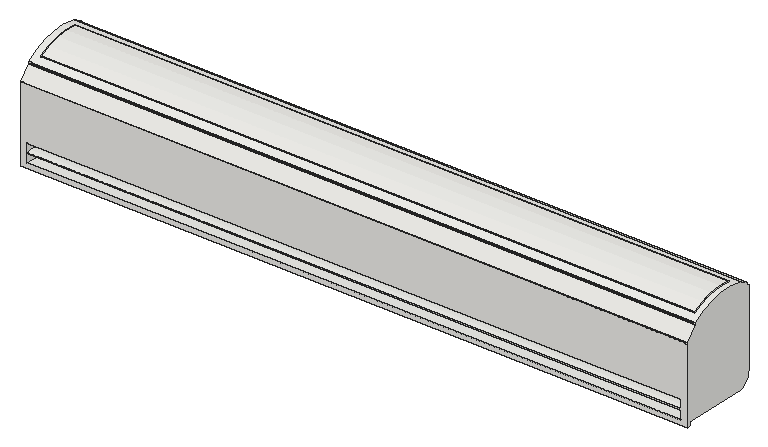
Revit family "ELiS C-W-200-bílá_RFA_2019", category Mechanical Equipment, host Face, Revit 2019
Family settings
  Host = Face
  Round Connector Dimension = Use Diameter
  Part Type = Normal
  Cut with Voids When Loaded = No
  Shared = No
  Room Calculation Point = No
Parameters (values of type "ELiS C-W-200")
  Weight of unit = 35.10 kg
  Water stream flow in the heat exchanger = 0 L/s
  Water pressure drop in the heat exchanger = 0 kPa
  URL = "www.hydronic.cz"
  Type Comments = "vnitřní instalace, neprašné prostředí; IP21; max dosah 3m na 3 rychlost"
  Second Material = FLOWAIR-PerforatedSteel-White
  Product data = "14289; bílá, délka 200cm, teplovodní; PN16; tmax=95°C"
  Power supply voltage = 230 V
  Power ratio = 0.94
  Outlet water temperature (Tw2) = 0 °C
  Outlet air temperature (Tp2) = 0 °C
  Max. current consumption = 1.2 A
  Manufacturer = "Hydronic Systems Prague s.r.o."
  Main Material = FLOWAIR-Steel-White
  Load classification = Motor
  Length = 2000.00 mm  # constant formula
  Inlet water temperature (Tw1) = 0 °C
  Inlet air temperature (Tp1) = 0 °C
  Heating capacity = 0 kW
  Fan = "Single phase motor with diagonal rotor"
  Description = "Dveřní clona"
  Model = "ELiS C-W-200"
  IP = "21"
  Default Elevation = 2200.00 mm
  Connection = 3/4"
  Author = ""
  Apparent power = Power supply voltage * Max. current consumption  # 276 VA
  Air flow = 0 m³/h
Reference planes
  plane 1 "Środek (Przód/Tył)": y = 0
  plane 2: z = 0
  plane 3 "Środek (Lewa/Prawa)": x = 0
Dimensions and locks
  aligned and locked: plane 2 to host face
  aligned and locked: level to host face
  aligned and locked: plane 3 "Środek (Lewa/Prawa)" to nested 1
  aligned and locked: plane 1 "Środek (Przód/Tył)" to nested 1
Nested families
  nested 1: "ELiS C-W" at (0, 0, 0), type "ELiS C-W"
    with długość 2000.00 mm
Connectors
  piping at (954, 227.682, 166.954), diameter 19.05, driven by "Connection", driven by "Water stream flow in the heat exchanger", driven by "Water pressure drop in the heat exchanger"
    settings: on nested 1, index 7, connector inside diameter 24", connector length 0.00 mm, flow factor 0, pipe flow 0 L/s, pressure drop 0 kPa, fitting loss kfactor 0, connector angle 0.00°, fixture units 0, engagement length 0.00 mm, angle of deflection 0.00°, flow configuration 1, flow direction 2, fitting loss method 4, system type 8, joint type 0, gender type 0, connector reference index -1, connector utility 0, adjustable connector no, is connector primary yes, connector description ""
  piping at (954, 227.682, 242.954), diameter 19.05, driven by "Connection", driven by "Water stream flow in the heat exchanger", driven by "Water pressure drop in the heat exchanger"
    settings: on nested 1, index 8, connector inside diameter 24", connector length 0.00 mm, flow factor 0, pipe flow 0 L/s, pressure drop 0 kPa, fitting loss kfactor 0, connector angle 0.00°, fixture units 0, engagement length 0.00 mm, angle of deflection 0.00°, flow configuration 1, flow direction 1, fitting loss method 4, system type 7, joint type 0, gender type 0, connector reference index -1, connector utility 0, adjustable connector no, is connector primary no, connector description ""
  electrical at (0, 235.182, 54.049), driven by "Power supply voltage", driven by "Apparent power", driven by "Power ratio", driven by "Load classification"
    settings: on nested 1, index 9, voltage 230 V, apparent load 276 VA, apparent load phase1 0 VA, apparent load phase2 0 VA, apparent load phase3 0 VA, power factor 0.94, load classification "Motor", number of poles 1, system type 30, power factor state 1, is connector primary yes, connector utility no, sub classification motor no, connector description ""
  electrical at (-59, 235.182, 85.024)
    settings: on nested 1, index 10, voltage 0 V, apparent load 0 VA, apparent load phase1 0 VA, apparent load phase2 0 VA, apparent load phase3 0 VA, power factor 1, load classification "Motor", number of poles 1, system type 13, power factor state 1, is connector primary no, connector utility no, sub classification motor no, connector description "TS regulator"
  electrical at (59, 235.182, 85.024)
    settings: on nested 1, index 11, voltage 0 V, apparent load 0 VA, apparent load phase1 0 VA, apparent load phase2 0 VA, apparent load phase3 0 VA, power factor 1, load classification "Motor", number of poles 1, system type 13, power factor state 1, is connector primary no, connector utility no, sub classification motor no, connector description "Limit switches"
Definition of nested family "ELiS C-W"
  Parameters
    materiał perforacja = none
    materiał = none
    długość = 1000.00 mm
  Reference planes
    plane 1 "Środek (Przód/Tył)": y = 0
    plane 2: z = 0
    plane 3 "Środek (Lewa/Prawa)": x = 0
    plane 4: x = -500
    plane 5: x = 500
    plane 6: x = -480
    plane 7: x = 480
    plane 8: x = 250
    plane 9: x = -250
  Forms (mm)
    Extrusion 1, solid, material <- "materiał", detail levels medium
      sketch origin (0, 300, 0) x (0, 1, 0) y (0, 0, 1)
        loop
          line (-72.756, 283.564) -> (-81.693, 294.358)
          arc (-81.693, 294.358) -> (-82.051, 294.684) -> (-82.482, 294.903) r 1.8
          line (-82.482, 294.903) -> (-98.157, 300.357)
          arc (-98.157, 300.357) -> (-98.505, 300.566) -> (-98.742, 300.895) r 1
          line (-98.742, 300.895) -> (-99.846, 303.375)
          arc (-99.846, 303.375) -> (-100.355, 304.039) -> (-101.109, 304.402) r 1.8
          arc (-101.109, 304.402) -> (-188.803, 303.806) -> (-267.88, 265.892) r 200.8
          arc (-267.88, 265.892) -> (-268.406, 265.22) -> (-268.563, 264.381) r 1.8
          line (-268.563, 264.381) -> (-268.42, 261.651)
          arc (-268.42, 261.651) -> (-268.477, 261.263) -> (-268.678, 260.927) r 1
          line (-268.678, 260.927) -> (-299.538, 226.654)
          arc (-299.538, 226.654) -> (-299.88, 226.094) -> (-300, 225.449) r 1.8
          line (-300, 225.449) -> (-300, 0) -> (-292.2, 0) -> (-292.2, 13.085) -> (-113.282, 13.085)
          arc (-113.282, 13.085) -> (-84.316, 25.083) -> (-72.318, 54.049) r 40.964
          line (-72.318, 54.049) -> (-72.318, 282.336)
          arc (-72.318, 282.336) -> (-72.431, 282.988) -> (-72.756, 283.564) r 1.943
      from -500 to 500
    Extrusion 2, solid, material <- "materiał", detail levels coarse
      sketch origin (0, 0, 0) x (0, 1, 0) y (0, 0, 1)
        loop
          arc (227.682, 295.867) -> (103.817, 301.954) -> (0, 234.12) r 200.8
          line (0, 234.12) -> (0, 0) -> (227.682, 0) -> (227.682, 295.867)
      from -500 to 500
    Extrusion 3, solid, material <- "materiał", detail levels fine
      sketch origin (0, 0, 0) x (0, 1, 0) y (0, 0, 1)
        loop
          line (227.244, 283.564) -> (218.307, 294.358)
          arc (218.307, 294.358) -> (217.949, 294.684) -> (217.518, 294.903) r 1.8
          line (217.518, 294.903) -> (201.843, 300.357)
          arc (201.843, 300.357) -> (201.495, 300.566) -> (201.258, 300.895) r 1
          line (201.258, 300.895) -> (200.154, 303.375)
          arc (200.154, 303.375) -> (199.645, 304.039) -> (198.891, 304.402) r 1.8
          arc (198.891, 304.402) -> (111.197, 303.806) -> (32.12, 265.892) r 200.8
          arc (32.12, 265.892) -> (31.594, 265.22) -> (31.437, 264.381) r 1.8
          line (31.437, 264.381) -> (31.58, 261.651)
          arc (31.58, 261.651) -> (31.523, 261.263) -> (31.322, 260.927) r 1
          line (31.322, 260.927) -> (0.462, 226.654)
          arc (0.462, 226.654) -> (0.12, 226.094) -> (0, 225.449) r 1.8
          line (0, 225.449) -> (0, 0) -> (7.8, 0) -> (7.8, 13.085) -> (186.718, 13.085)
          arc (186.718, 13.085) -> (215.684, 25.083) -> (227.682, 54.049) r 40.964
          line (227.682, 54.049) -> (227.682, 282.336)
          arc (227.682, 282.336) -> (227.569, 282.988) -> (227.244, 283.564) r 1.943
      from -500 to 500
    Extrusion 4, void
      sketch origin (0, 0, 0) x (0, 1, 0) y (0, 0, 1)
        loop
          line (52, 337.939) -> (52, 227.939) -> (180, 227.939) -> (180, 337.939) -> (52, 337.939)
      from -480 to 480
    Extrusion 5, solid, material <- "materiał perforacja", detail levels fine
      sketch origin (0, 0, 0) x (0, 1, 0) y (0, 0, 1)
        loop
          arc (180, 307.56) -> (113.664, 304.359) -> (52, 279.696) r 200.8
          line (52, 279.696) -> (52, 277.35)
          arc (52, 277.35) -> (113.61, 302.3) -> (180, 305.546) r 198.8
          line (180, 305.546) -> (180, 307.56)
      from -480 to 480
    Extrusion 6, void
      sketch origin (0, 0, 0) x (0, 1, 0) y (0, 0, 1)
        loop
          line (0, 15.085) -> (50, 15.085) -> (50, 70.085) -> (0, 70.085) -> (0, 43.585)
          arc (0, 43.585) -> (17.5, 45.585) -> (35, 43.585) r 77.563
          line (35, 43.585) -> (35, 41.585)
          arc (35, 41.585) -> (17.5, 39.585) -> (0, 41.585) r 77.563
          line (0, 41.585) -> (0, 15.085)
      from -480 to 480
    Extrusion 7, solid, material <- "materiał"
      sketch origin (0, 0, 0) x (0, 1, 0) y (0, 0, 1)
        loop
          line (10, 0) -> (172, 0) -> (172, 13.085) -> (10, 13.085) -> (10, 0)
      from -250 to 250
    Extrusion 8, solid, material <- "materiał"
      sketch origin (0, 0, 0) x (0, 1, 0) y (0, 0, 1)
        loop
          line (227.682, 54.049) -> (242.682, 54.049) -> (242.682, 116) -> (227.682, 116) -> (227.682, 54.049)
      from -59 to 59
    Extrusion 9, solid, material <- "materiał"
      sketch origin (0, 0, 0) x (1, 0, 0) y (0, 0, 1)
        loop
          circle (454, 242.954) r 17
        loop
          circle (454, 166.954) r 17
      from -227.682 to -225
  Cuts and joins
    Extrusion 4, Extrusion 6 cuts Extrusion 3
  Dimensions and locks
    equal spacing: plane 4, plane 3 "Środek (Lewa/Prawa)", plane 5
    "długość": plane 4 to plane 5
    locked: plane 4 to plane 6 at 20
    locked: plane 7 to plane 5 at 20
    equal spacing: plane 4, plane 9, plane 3 "Środek (Lewa/Prawa)"
    equal spacing: plane 3 "Środek (Lewa/Prawa)", plane 8, plane 5
    locked: Extrusion 9 sketch curve to plane 5 at 46  (x2)
    aligned and locked: level to plane 2
    aligned and locked: Extrusion 2 to plane 4
    aligned and locked: Extrusion 1 to plane 4
    aligned and locked: Extrusion 2 to plane 5
    aligned and locked: Extrusion 1 to plane 5
    aligned and locked: Extrusion 3 to plane 4
    aligned and locked: Extrusion 3 to plane 5
    aligned and locked: Extrusion 4 to plane 6
    aligned and locked: Extrusion 4 to plane 7
    aligned and locked: Extrusion 5 to plane 6
    aligned and locked: Extrusion 5 to plane 7
    aligned and locked: Extrusion 6 to plane 7
    aligned and locked: Extrusion 6 to plane 6
    aligned and locked: plane 8 to Extrusion 7
    aligned and locked: plane 9 to Extrusion 7
  Automatic sketch dimensions
    Extrusion 1 sketch curve to level = 0.00 mm
    Extrusion 1 sketch curve to plane 1 "Środek (Przód/Tył)" = 0.00 mm
    Extrusion 1 sketch curve to Extrusion 1 sketch curve = 1.80 mm
    Extrusion 1 sketch curve to plane 1 "Środek (Przód/Tył)" = 7.80 mm
    Extrusion 1 sketch curve to plane 1 "Środek (Przód/Tył)" = 30.581 mm
    Extrusion 1 sketch curve to Extrusion 1 sketch curve = 0.742 mm
    Extrusion 1 sketch curve to Extrusion 1 sketch curve = 0.856 mm
    Extrusion 1 sketch curve to Extrusion 1 sketch curve = 1.797 mm
    Extrusion 1 sketch curve to plane 1 "Środek (Przód/Tył)" = 156.375 mm
    Extrusion 1 sketch curve to Extrusion 1 sketch curve = 30.343 mm
    Extrusion 1 sketch curve to Extrusion 1 sketch curve = 165.276 mm
    Extrusion 1 sketch curve to Extrusion 1 sketch curve = 3.662 mm
    Extrusion 1 sketch curve to Extrusion 1 sketch curve = 14.754 mm
    Extrusion 1 sketch curve to Extrusion 1 sketch curve = 1.38 mm
    Extrusion 1 sketch curve to Extrusion 1 sketch curve = 8.812 mm
    Extrusion 1 sketch curve to Extrusion 1 sketch curve = 1.505 mm
    Extrusion 1 sketch curve to Extrusion 1 sketch curve = 40.964 mm
    Extrusion 1 sketch curve to Extrusion 1 sketch curve = 13.085 mm
    Extrusion 1 sketch curve to Extrusion 1 sketch curve = 54.106 mm
    Extrusion 1 sketch curve to Extrusion 1 sketch curve = 117.295 mm
    Extrusion 1 sketch curve to Extrusion 1 sketch curve = 35.478 mm
    Extrusion 1 sketch curve to Extrusion 1 sketch curve = 0.671 mm
    Extrusion 1 sketch curve to Extrusion 1 sketch curve = 2.783 mm
    Extrusion 1 sketch curve to Extrusion 1 sketch curve = 0.097 mm
    Extrusion 1 sketch curve to Extrusion 1 sketch curve = 174.181 mm
    Extrusion 1 sketch curve to Extrusion 1 sketch curve = 10.867 mm
    Extrusion 1 sketch curve to Extrusion 1 sketch curve = 1.155 mm
    Extrusion 1 sketch curve to Extrusion 1 sketch curve = 8.099 mm
    Extrusion 1 sketch curve to Extrusion 1 sketch curve = 1.341 mm
    Extrusion 1 sketch curve to plane 1 "Środek (Przód/Tył)" = 0.462 mm
    Extrusion 1 sketch curve to Extrusion 1 sketch curve = 0.00 mm  (x14)
    Extrusion 1 sketch curve to Extrusion 1 sketch curve = 0.257 mm
    Extrusion 1 sketch curve to Extrusion 1 sketch curve = 1.263 mm
    Extrusion 1 sketch curve to Extrusion 1 sketch curve = 0.914 mm
    Extrusion 1 sketch curve to Extrusion 1 sketch curve = 0.585 mm
    Extrusion 1 sketch curve to Extrusion 1 sketch curve = 0.789 mm
    Extrusion 1 sketch curve to Extrusion 1 sketch curve = 0.944 mm
    Extrusion 2 sketch curve to level = 0.00 mm
    Extrusion 2 sketch curve to Extrusion 2 sketch curve = 71.306 mm
    Extrusion 2 sketch curve to Extrusion 2 sketch curve = 108.154 mm
    Extrusion 2 sketch curve to plane 1 "Środek (Przód/Tył)" = 0.00 mm
    Extrusion 2 sketch curve to Extrusion 2 sketch curve = 125.966 mm
    Extrusion 2 sketch curve to plane 1 "Środek (Przód/Tył)" = 156.375 mm
    plane 1 "Środek (Przód/Tył)" to Extrusion 3 sketch curve = 0.00 mm
    Extrusion 3 sketch curve to Extrusion 3 sketch curve = 1.80 mm
    Extrusion 3 sketch curve to Extrusion 3 sketch curve = 7.80 mm
    Extrusion 3 sketch curve to Extrusion 3 sketch curve = 28.781 mm
    Extrusion 3 sketch curve to Extrusion 3 sketch curve = 0.742 mm
    Extrusion 3 sketch curve to Extrusion 3 sketch curve = 0.856 mm
    Extrusion 3 sketch curve to Extrusion 3 sketch curve = 1.797 mm
    Extrusion 3 sketch curve to Extrusion 3 sketch curve = 148.575 mm
    Extrusion 3 sketch curve to Extrusion 3 sketch curve = 30.343 mm
    Extrusion 3 sketch curve to Extrusion 3 sketch curve = 165.276 mm
    Extrusion 3 sketch curve to Extrusion 3 sketch curve = 3.662 mm
    Extrusion 3 sketch curve to Extrusion 3 sketch curve = 14.754 mm
    Extrusion 3 sketch curve to Extrusion 3 sketch curve = 1.38 mm
    Extrusion 3 sketch curve to Extrusion 3 sketch curve = 8.812 mm
    Extrusion 3 sketch curve to Extrusion 3 sketch curve = 1.505 mm
    Extrusion 3 sketch curve to Extrusion 3 sketch curve = 40.964 mm
    level to Extrusion 3 sketch curve = 0.00 mm
    Extrusion 3 sketch curve to Extrusion 3 sketch curve = 13.085 mm
    Extrusion 3 sketch curve to Extrusion 3 sketch curve = 54.106 mm
    Extrusion 3 sketch curve to Extrusion 3 sketch curve = 117.295 mm
    Extrusion 3 sketch curve to Extrusion 3 sketch curve = 35.478 mm
    Extrusion 3 sketch curve to Extrusion 3 sketch curve = 0.671 mm
    Extrusion 3 sketch curve to Extrusion 3 sketch curve = 2.783 mm
    Extrusion 3 sketch curve to Extrusion 3 sketch curve = 0.097 mm
    Extrusion 3 sketch curve to Extrusion 3 sketch curve = 174.181 mm
    Extrusion 3 sketch curve to Extrusion 3 sketch curve = 10.867 mm
    Extrusion 3 sketch curve to Extrusion 3 sketch curve = 1.155 mm
    Extrusion 3 sketch curve to Extrusion 3 sketch curve = 8.099 mm
    Extrusion 3 sketch curve to Extrusion 3 sketch curve = 1.341 mm
    Extrusion 3 sketch curve to Extrusion 3 sketch curve = 0.462 mm
    Extrusion 3 sketch curve to Extrusion 3 sketch curve = 0.00 mm  (x14)
    Extrusion 3 sketch curve to Extrusion 3 sketch curve = 0.257 mm
    Extrusion 3 sketch curve to Extrusion 3 sketch curve = 1.263 mm
    Extrusion 3 sketch curve to Extrusion 3 sketch curve = 0.914 mm
    Extrusion 3 sketch curve to Extrusion 3 sketch curve = 0.585 mm
    Extrusion 3 sketch curve to Extrusion 3 sketch curve = 0.789 mm
    Extrusion 3 sketch curve to Extrusion 3 sketch curve = 0.944 mm
    Extrusion 4 sketch curve to Extrusion 4 sketch curve = 128.00 mm
    level to Extrusion 4 sketch curve = 227.939 mm
    Extrusion 4 sketch curve to Extrusion 4 sketch curve = 110.00 mm
    Extrusion 4 sketch curve to plane 1 "Środek (Przód/Tył)" = 52.00 mm
    Extrusion 5 sketch curve to plane 1 "Środek (Przód/Tył)" = 156.375 mm
    level to Extrusion 5 sketch curve = 108.154 mm
    Extrusion 5 sketch curve to plane 1 "Środek (Przód/Tył)" = 52.00 mm
    Extrusion 5 sketch curve to Extrusion 5 sketch curve = 23.625 mm
    Extrusion 5 sketch curve to Extrusion 5 sketch curve = 25.85 mm
    Extrusion 5 sketch curve to Extrusion 5 sketch curve = 2.346 mm
    Extrusion 5 sketch curve to Extrusion 5 sketch curve = 0.00 mm  (x2)
    Extrusion 7 sketch curve to level = 0.00 mm
    Extrusion 7 sketch curve to plane 1 "Środek (Przód/Tył)" = 10.00 mm
    Extrusion 7 sketch curve to Extrusion 7 sketch curve = 162.00 mm
    level to Extrusion 7 sketch curve = 13.085 mm
    Extrusion 8 sketch curve to plane 1 "Środek (Przód/Tył)" = 227.682 mm
    level to Extrusion 8 sketch curve = 116.00 mm
    level to Extrusion 8 sketch curve = 54.049 mm
    Extrusion 8 sketch curve to Extrusion 8 sketch curve = 15.00 mm
    level to Extrusion 9 sketch curve = 166.954 mm
    Extrusion 9 sketch curve to Extrusion 9 sketch curve = 76.00 mm
    Extrusion 6 sketch curve to plane 1 "Środek (Przód/Tył)" = 0.00 mm  (x2)
    Extrusion 6 sketch curve to plane 1 "Środek (Przód/Tył)" = 17.50 mm  (x2)
    Extrusion 6 sketch curve to Extrusion 6 sketch curve = 35.00 mm
    Extrusion 6 sketch curve to Extrusion 6 sketch curve = 15.00 mm
    Extrusion 6 sketch curve to level = 31.977 mm
    level to Extrusion 6 sketch curve = 15.085 mm
    Extrusion 6 sketch curve to Extrusion 6 sketch curve = 26.50 mm  (x2)
    Extrusion 6 sketch curve to Extrusion 6 sketch curve = 2.00 mm
    Extrusion 6 sketch curve to Extrusion 6 sketch curve = 47.063 mm
    radius of Extrusion 9 sketch curve = 17.00 mm  (x2)
